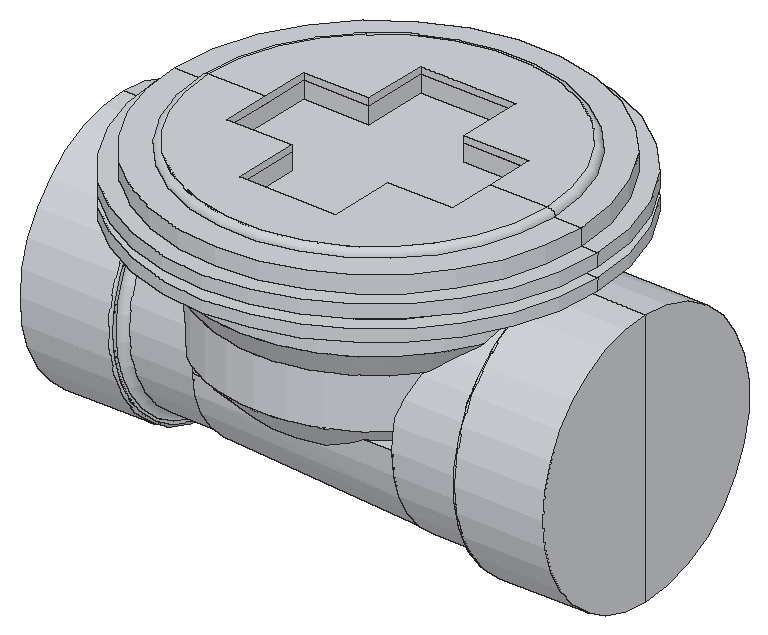
Revit family
Parameters
  URL = "www.siouxchief.com"
  Model = "869-S4A"
  Manufacturer = "Sioux Chief Manufacturing"
  Keynote = "Procheck Backflow Preventer"
  Description = "4\" ABS"
Reference planes (in)
  plane 1 "Center (Front/Back)": y = 0
  plane 2: z = 0
  plane 3 "Center (Left/Right)": x = 0
Forms (in)
  Revolve 1, solid
    sketch origin (5.53933, 0, 0) x (0, 0, 1) y (-1, 0, 0)
      loop
        line (-2.50277, 10.48306) -> (-2.50277, 8.77099)
        arc (-2.50277, 8.77099) -> (-2.48837, 8.73938) -> (-2.45771, 8.72306) r 0.05403
        line (-2.45771, 8.72306) -> (-2.39527, 8.72306)
        arc (-2.39527, 8.72306) -> (-2.2892, 8.67913) -> (-2.24527, 8.57306) r 0.15
        line (-2.24527, 8.57306) -> (-2.24527, 7.35856) -> (0, 7.35856) -> (0, 10.48306) -> (-2.50277, 10.48306)
      axis (0, 7.35856) -> (0, 10.48306)
    angle from 0 to 360
  Revolve 2, solid
    sketch origin (-5.28933, 0, -0.325) x (0, 0, 1) y (-1, 0, 0)
      loop
        line (-2.50277, -10.48306) -> (0, -10.48306) -> (0, -7.35856) -> (-2.24527, -7.35856) -> (-2.24527, -8.57306)
        arc (-2.24527, -8.57306) -> (-2.2892, -8.67913) -> (-2.39527, -8.72306) r 0.15
        line (-2.39527, -8.72306) -> (-2.45771, -8.72306)
        arc (-2.45771, -8.72306) -> (-2.48837, -8.73938) -> (-2.50277, -8.77099) r 0.05403
        line (-2.50277, -8.77099) -> (-2.50277, -10.48306)
      axis (0, -7.35856) -> (0, -10.48306)
    angle from 0 to 360
  Revolve 3, solid
    sketch origin (0, 0, 0) x (0, 0, 1) y (-1, 0, 0)
      loop
        line (3.2533, 3.9475) -> (2.9237, 3.9475) -> (2.9237, 4.27) -> (2.6737, 4.27) -> (2.6737, 3.9475) -> (2.4887, 3.9475) -> (2.4887, 4.27) -> (2.2598, 4.27) -> (2.2598, 3.35) -> (1.4989, 3.35) -> (0.966, 2.9826) -> (-0.0174, 2.9826) -> (-0.721, 2.279) -> (-0.721, 0) -> (3.2533, 0) -> (3.2533, 3.9475)
      axis (3.2533, 0) -> (-0.721, 0)
    angle from 0 to 360
  Extrusion 4, solid
    sketch origin (14.85944, -180, 25.11806) x (0, -1, 0) y (1, 0, 0)
      loop
        arc (-181.89136, -18.08549) -> (-180, -18.66043) -> (-178.10864, -18.08549) r 3.39844
        line (-178.10864, -18.08549) -> (-180, -14.85944) -> (-181.89136, -18.08549)
    from -24.08979 to -22.62936
  Blend 5, solid
    base sketch origin (2.06923, 0, -0.325) x (0, 1, 0) y (0, 0, -1)
      loop
        arc (2.24527, 0) -> (0.01182, 2.23344) -> (-2.22162, 0) r 2.23344
        line (-2.22162, 0) -> (2.24527, 0)
    top sketch origin (2.06923, 0, -0.325) x (0, 1, 0) y (0, 0, -1)
      loop
        spline (2.24521, 0.01526) -> (2.16911, 0.50831) -> (1.946, 0.96775) -> (1.59107, 1.36228) -> (1.12852, 1.66502) -> (0.58987, 1.85532) -> (0.01182, 1.92023) -> (-0.56622, 1.85532) -> (-1.10487, 1.66502) -> (-1.56742, 1.36228) -> (-1.92235, 0.96775) -> (-2.14547, 0.50831) -> (-2.22157, 0.01526)
        line (-2.22157, 0.01526) -> (2.24521, 0.01526)
    from 0 to 3.88846
  Extrusion 6, solid
    sketch origin (2.06923, 0, -0.325) x (0, 1, 0) y (0, 0, -1)
      loop
        circle (0, -0.325) r 2.00277
    from 6.63542 to 7.01296
  Revolve 7, solid
    sketch origin (0, 0, -0.1) x (0, 0, 1) y (-1, 0, 0)
      loop
        line (3.3533, 0) -> (3.4783, 0) -> (3.4783, 3.2925)
        arc (3.4783, 3.2925) -> (3.44351, 3.38414) -> (3.3533, 3.4225) r 0.12499
        line (3.3533, 3.4225) -> (3.3533, 0)
      axis (3.3533, 0) -> (3.4783, 0)
    angle from 0 to 360
  Extrusion 8, void
    sketch origin (14.85944, -180, 25.11806) x (0, -1, 0) y (1, 0, 0)
      loop
        line (-182.1885, -15.78694) -> (-177.8115, -15.78694) -> (-177.8115, -13.93194) -> (-182.1885, -13.93194) -> (-182.1885, -15.78694)
    from -22.19436 to -21.73976
  Extrusion 9, void
    sketch origin (-180, -14.85944, 25.11806) x (-1, 0, 0) y (0, -1, 0)
      loop
        line (-182.1885, -15.78694) -> (-177.8115, -15.78694) -> (-177.8115, -13.93194) -> (-182.1885, -13.93194) -> (-182.1885, -15.78694)
    from -22.19436 to -21.73976
Cuts and joins
  Extrusion 8, Extrusion 9 cuts Revolve 7
  Extrusion 8, Extrusion 9 cuts Revolve 3
Dimensions and locks (in)
  Revolve 3 sketch curve to Revolve 3 sketch curve = 3.35"
  aligned and locked: plane 2 to level
  aligned and locked: Extrusion 4 to Revolve 3
  aligned and locked: Extrusion 8 to Revolve 7
  aligned and locked: Extrusion 6 to Revolve 1
  aligned and locked: Blend 5 to Revolve 1
  aligned and locked: Revolve 2 to Blend 5
Connectors (in)
  piping at (5.19373, 0, -0.325)
    settings: on Revolve 2, index 1, connector radius 2", flow factor 0, pipe flow 0 GPM, pressure drop 0.00 psi, fitting loss kfactor 0, connector angle 0.00°, fixture units 0, flow configuration 0, flow direction 2, fitting loss method 0, system type 22, connector reference index -1, connector utility 0, adjustable connector no, is connector primary yes, fitting loss table "", connector description ""
  piping at (-4.94373, 0, 0)
    settings: on Extrusion 6, index 2, connector radius 2", flow factor 0, pipe flow 0 GPM, pressure drop 0.00 psi, fitting loss kfactor 0, connector angle 0.00°, fixture units 0, flow configuration 0, flow direction 1, fitting loss method 0, system type 22, connector reference index -1, connector utility 0, adjustable connector no, is connector primary no, fitting loss table "", connector description ""
